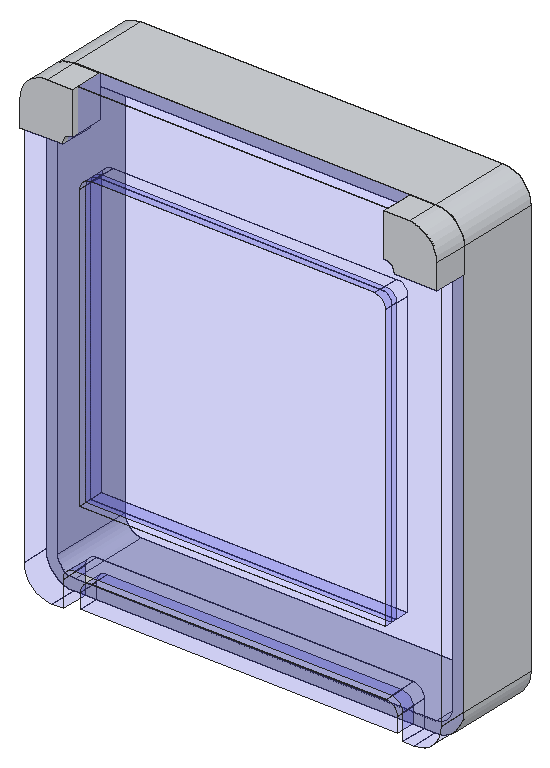
Revit family "Domotics-DomesticRanges-GEWISS-27COMBIIN_SYSTEM-IP65_WATERTIGHT_2M", category Apparecchi elettrici, Revit 2016
Family settings
  Mantenere orientamento annotazione = No
  Tipo di parte = Normale
  Quota connettore circolare = Usa diametro
  Numero OmniClass = 23.80.30.14.24
  Titolo OmniClass = Junction Boxes
  Basato su piano di lavoro = No
  Sempre verticale = Sì
  Taglio con vuoti quando caricato = No
  Condiviso = No
  Punto di calcolo locali = No
Parameters (values of type "GW27403 - System 2 gang watertight cover")
  Vetro Sportello = Vetro
  Version file RFA = "19.4"
  URL = "https://www.gewiss.com/ww/en"
  Torque screws tightening = "0,8NM"
  Thermo-pressure with ball = "70 °C"
  Technical sheet = "https://www.gewiss.com/ww/en/search?q=GW27403"
  Standard; = "EN 60669-1"
  Standard = "EN 60669-1"
  Shock resistance = "IK09"
  SEO = "Cap"
  Realized by GEWISS S.p.A. = ""
  Profondità = 20 mm
  Produttore = "GEWISS S.p.A."
  No. SYSTEM modules = "2"
  Modello = "GW27403"
  Lunghezza = 85 mm
  Lid screws = "Stainless steel"
  Larghezza = 75 mm
  Insulation class = "II"
  Installation temperature = "-25 +60 °C"
  Immagine tipo = GW27403.jpg
  IP degree = "IP65"
  IFC.TypeObject = ""
  IFC.ExportType = ""
  IFC.ExportAs = ""
  IDT = "428b0478-5cd0-4e39-b324-3b7b05b338cb"
  IDF = "9e56ecd4-caf4-488e-9fac-f7a624217b57"
  Glow Wire Test = "650°C"
  Finitura = none
  Electrocod = "0220"
  EAN code = "8011564789913"
  Door type = "Rigid IK09"
  Door colour: = "Smoked Transparent"
  Dimensions LxH (mm) = "75x85"
  Descrizione = "SYSTEM 2 GANG WATERTIGHT COVER"
  Colour = "Grey RAL 7035"
  Catalogue Range = "27COMBI"
  Catalogue = "DOMOTICS"
  COBie.Tagnumber = ""
  COBie.CreatedOn = ""
  COBie.CreatebBy = ""
  COBie.ComponentRegisterItemID = ""
  COBie.Component.TagNumber = ""
  COBie.Component.Space = ""
  COBie.Component.SerialNumber = ""
  COBie.Component.InstallationDate = ""
  COBie.Component.Description = ""
  COBie.Component.BarCode = ""
  Altezza da terra = 850 mm
Types (2, lengths in mm): name | URL | Produttore | Modello | Descrizione
  (no name) | 0 | 0 | 0 | 0
  GW27403 - System 2 gang watertight cover | "https://www.gewiss.com/ww/en" | "GEWISS S.p.A." | "GW27403" | "SYSTEM 2 GANG WATERTIGHT COVER"
Values of the unnamed type that differ from the named types
  Version file RFA = ""
  Torque screws tightening = ""
  Thermo-pressure with ball = ""
  Technical sheet = ""
  Standard; = ""
  Standard = ""
  Shock resistance = ""
  SEO = ""
  No. SYSTEM modules = ""
  Lid screws = ""
  Insulation class = ""
  Installation temperature = ""
  IP degree = ""
  IDT = ""
  IDF = ""
  Glow Wire Test = ""
  Electrocod = ""
  EAN code = ""
  Door type = ""
  Door colour: = ""
  Dimensions LxH (mm) = ""
  Colour = ""
  Catalogue Range = ""
  Catalogue = ""
Reference planes
  plane 1 "Centro (Fronte/Retro)": y = 0
  plane 2: z = 0
  plane 3 "Centro (Sinistra/Destra)": x = 0
  plane 4: z = 850
  plane 5: x = -37.5
  plane 6: x = 37.5
  plane 7: z = 935
  plane 8: y = 20
  plane 9 "Lato Posteriore Sportello": y = 5
  plane 10: x = -27.5
  plane 11: x = 27.5
  plane 12: z = 867.5
  plane 13 "Lato Interno Vetro": y = 2.5
  plane 14: y = 1.396
  plane 15: y = -1
Forms (mm)
  Extrusion 1, solid, material <- "Finitura"
    sketch origin (0, 5, 0) x (0, 0, 1) y (1, 0, 0)
      loop
        line (935, -32.5) -> (935, 32.5)
        arc (935, 32.5) -> (933.536, 36.036) -> (930, 37.5) r 5
        line (930, 37.5) -> (855, 37.5)
        arc (855, 37.5) -> (851.464, 36.036) -> (850, 32.5) r 5
        line (850, 32.5) -> (850, -32.5)
        arc (850, -32.5) -> (851.464, -36.036) -> (855, -37.5) r 5
        line (855, -37.5) -> (930, -37.5)
        arc (930, -37.5) -> (933.536, -36.036) -> (935, -32.5) r 5
      loop
        line (855, -35.5) -> (930, -35.5)
        arc (930, -35.5) -> (932.121, -34.621) -> (933, -32.5) r 3
        line (933, -32.5) -> (933, 32.5)
        arc (933, 32.5) -> (932.121, 34.621) -> (930, 35.5) r 3
        line (930, 35.5) -> (855, 35.5)
        arc (855, 35.5) -> (852.879, 34.621) -> (852, 32.5) r 3
        line (852, 32.5) -> (852, -32.5)
        arc (852, -32.5) -> (852.879, -34.621) -> (855, -35.5) r 3
    from 0 to 15
  Extrusion 2, solid, material "Vetro" <- "Vetro Sportello"
    sketch origin (0, 5, 0) x (0, 0, 1) y (1, 0, 0)
      loop
        line (935, -27.914) -> (935, 27.914) -> (927.415, 27.914)
        arc (927.415, 27.914) -> (926.861, 29.251) -> (925.525, 29.804) r 1.89
        line (925.525, 29.804) -> (925.525, 37.5) -> (855, 37.5)
        arc (855, 37.5) -> (851.464, 36.036) -> (850, 32.5) r 5
        line (850, 32.5) -> (850, 30.496) -> (854.753, 30.496)
        arc (854.753, 30.496) -> (856.167, 29.91) -> (856.753, 28.496) r 2
        line (856.753, 28.496) -> (856.753, -28.496)
        arc (856.753, -28.496) -> (856.167, -29.91) -> (854.753, -30.496) r 2
        line (854.753, -30.496) -> (850, -30.496) -> (850, -32.5)
        arc (850, -32.5) -> (851.464, -36.036) -> (855, -37.5) r 5
        line (855, -37.5) -> (925.525, -37.5) -> (925.525, -29.804)
        arc (925.525, -29.804) -> (926.861, -29.251) -> (927.415, -27.914) r 1.89
        line (927.415, -27.914) -> (935, -27.914)
      loop
        line (920.5, -25.5) -> (920.5, 25.5)
        arc (920.5, 25.5) -> (919.914, 26.914) -> (918.5, 27.5) r 2
        line (918.5, 27.5) -> (867.5, 27.5) -> (867.5, -27.5) -> (918.5, -27.5)
        arc (918.5, -27.5) -> (919.914, -26.914) -> (920.5, -25.5) r 2
    from 0 to -5
  Extrusion 3, solid, material "Vetro" <- "Vetro Sportello"
    sketch origin (0, 5, 0) x (0, 0, 1) y (1, 0, 0)
      loop
        line (850, -28.496) -> (852.753, -28.496)
        arc (852.753, -28.496) -> (854.167, -27.91) -> (854.753, -26.496) r 2
        line (854.753, -26.496) -> (854.753, 26.496)
        arc (854.753, 26.496) -> (854.167, 27.91) -> (852.753, 28.496) r 2
        line (852.753, 28.496) -> (850, 28.496) -> (850, -28.496)
    from 0 to -3.604
  Extrusion 4, solid, material "Vetro" <- "Vetro Sportello"
    sketch origin (0, 2.5, 0) x (0, 0, 1) y (1, 0, 0)
      loop
        line (920.5, -25.5) -> (920.5, 25.5)
        arc (920.5, 25.5) -> (919.914, 26.914) -> (918.5, 27.5) r 2
        line (918.5, 27.5) -> (867.5, 27.5) -> (867.5, -27.5) -> (918.5, -27.5)
        arc (918.5, -27.5) -> (919.914, -26.914) -> (920.5, -25.5) r 2
    from 0 to -1.104
  Extrusion 5, solid, material <- "Finitura"
    sketch origin (0, 5, 0) x (0, 0, 1) y (1, 0, 0)
      loop
        line (935, -32.5) -> (935, -27.914) -> (927.415, -27.914)
        arc (927.415, -27.914) -> (926.861, -29.251) -> (925.525, -29.804) r 1.89
        line (925.525, -29.804) -> (925.525, -37.5) -> (930, -37.5)
        arc (930, -37.5) -> (933.536, -36.036) -> (935, -32.5) r 5
    from 0 to -6
  Extrusion 6, solid, material <- "Finitura"
    sketch origin (0, 5, 0) x (0, 0, 1) y (1, 0, 0)
      loop
        line (935, 27.914) -> (935, 32.5)
        arc (935, 32.5) -> (933.536, 36.036) -> (930, 37.5) r 5
        line (930, 37.5) -> (925.525, 37.5) -> (925.525, 29.804)
        arc (925.525, 29.804) -> (926.861, 29.251) -> (927.415, 27.914) r 1.89
        line (927.415, 27.914) -> (935, 27.914)
    from 0 to -6
Lines and regions (mm)
  model lines
    curve 1: arc (-32.5, 0, 935) -> (-36.036, 0, 933.536) -> (-37.5, 0, 930) r 5
    curve 2: arc (37.5, 0, 930) -> (36.036, 0, 933.536) -> (32.5, 0, 935) r 5
    curve 5: arc (-27.914, 0, 927.415) -> (-29.251, 0, 926.861) -> (-29.804, 0, 925.525) r 1.89
    curve 6: arc (29.804, 0, 925.525) -> (29.251, 0, 926.861) -> (27.914, 0, 927.415) r 1.89
    curve 7: line (-32.5, 0, 935) -> (32.5, 0, 935)
    curve 8: line (-37.5, 0, 855) -> (-37.5, 0, 930)
    curve 13: line (-37.5, 0, 925.525) -> (-29.804, 0, 925.525)
    curve 14: line (-27.914, 0, 935) -> (-27.914, 0, 927.415)
    curve 16: line (27.914, 0, 927.415) -> (27.914, 0, 935)
    curve 17: line (37.5, 0, 925.525) -> (29.804, 0, 925.525)
  model lines, detail levels medium+fine
    curve 3: circle (-32.5, 5, 930) r 2 normal (0, -1, 0)
    curve 4: circle (32.5, 0, 930) r 2 normal (0, -1, 0)
    curve 15: line (-27.914, 0, 927.415) -> (27.914, 0, 927.415)
  model lines, detail levels fine
    curve 9: line (-34.412, 5, 929.413) -> (-31.2, 5, 931.52)
    curve 10: line (-33.972, 5, 928.646) -> (-30.672, 5, 930.81)
    curve 11: line (34.412, 0, 929.413) -> (31.2, 0, 931.52)
    curve 12: line (33.972, 0, 928.646) -> (30.672, 0, 930.81)
Dimensions and locks
  "Lunghezza": plane 7 to plane 4
  equal spacing: plane 6, plane 3 "Centro (Sinistra/Destra)", plane 5
  "Larghezza": plane 6 to plane 5
  "Altezza da terra": plane 4 to level
  "Profondità": plane 1 "Centro (Fronte/Retro)" to plane 8
  locked: plane 1 "Centro (Fronte/Retro)" to plane 9 "Lato Posteriore Sportello" at 5
  locked: plane 11 to plane 6 at 10
  locked: plane 10 to plane 5 at 10
  locked: plane 12 to plane 4 at 17.5
  locked: plane 14 to plane 13 "Lato Interno Vetro" at 1.104
  plane 15 to plane 1 "Centro (Fronte/Retro)" = 1 mm
  aligned and locked: level to plane 2
  aligned and locked: plane 7 to curve 7
  aligned and locked: plane 5 to curve 8
  aligned and locked: plane 8 to Extrusion 1
  aligned and locked: plane 5 to Extrusion 2 sketch curve
  aligned and locked: plane 6 to Extrusion 2 sketch curve
  aligned and locked: Extrusion 2 sketch curve to plane 7
  aligned and locked: plane 4 to Extrusion 2 sketch curve  (x2)
  aligned and locked: plane 1 "Centro (Fronte/Retro)" to Extrusion 2
  aligned and locked: Extrusion 3 to plane 14
  aligned and locked: plane 10 to Extrusion 4 sketch curve
  aligned and locked: plane 11 to Extrusion 4 sketch curve
  aligned and locked: plane 12 to Extrusion 4 sketch curve
  aligned and locked: Extrusion 4 to plane 14
  aligned and locked: plane 10 to Extrusion 2 sketch curve
  aligned and locked: plane 12 to Extrusion 2 sketch curve
  aligned and locked: plane 11 to Extrusion 2 sketch curve
  aligned and locked: Extrusion 5 sketch curve to plane 7
  aligned and locked: Extrusion 5 to plane 15
  aligned and locked: Extrusion 6 sketch curve to plane 7
  aligned and locked: plane 6 to Extrusion 6 sketch curve
  aligned and locked: Extrusion 6 to plane 15
Automatic sketch dimensions
  curve 2 to curve 4 = 0 mm  (x2)
  curve 1 to curve 13 = 2.696 mm
  curve 5 to curve 5 = 1.89 mm
  curve 6 to curve 17 = 1.89 mm
  curve 4 to curve 2 = 5 mm
  curve 12 to curve 2 = 1.828 mm
  curve 11 to plane 7 = 3.48 mm
  curve 12 to curve 11 = 0.528 mm
  curve 2 to curve 12 = 1.472 mm
  curve 12 to curve 11 = 0.44 mm
  plane 4 to Extrusion 2 sketch curve = 5 mm  (x2)
  Extrusion 2 sketch curve to plane 7 = 9.475 mm
  Extrusion 2 sketch curve to plane 10 = 0.414 mm
  Extrusion 2 sketch curve to Extrusion 2 sketch curve = 1.89 mm  (x2)
  Extrusion 2 sketch curve to plane 11 = 0.414 mm
  Extrusion 2 sketch curve to plane 7 = 7.585 mm
  Extrusion 2 sketch curve to plane 10 = 0.996 mm
  Extrusion 2 sketch curve to Extrusion 2 sketch curve = 0.247 mm  (x2)
  Extrusion 2 sketch curve to Extrusion 2 sketch curve = 2 mm
  Extrusion 2 sketch curve to plane 11 = 0.996 mm
  Extrusion 3 sketch curve to plane 4 = 0 mm
  Extrusion 3 sketch curve to plane 10 = 0.996 mm
  Extrusion 3 sketch curve to Extrusion 3 sketch curve = 2.753 mm  (x2)
  Extrusion 3 sketch curve to plane 11 = 0.996 mm
  plane 11 to Extrusion 3 sketch curve = 1.004 mm
  Extrusion 4 sketch curve to plane 7 = 16.5 mm  (x2)
  plane 10 to Extrusion 4 sketch curve = 2 mm
  Extrusion 2 sketch curve to Extrusion 2 sketch curve = 7.025 mm  (x2)
  plane 11 to Extrusion 2 sketch curve = 2 mm
  Extrusion 5 sketch curve to Extrusion 5 sketch curve = 5 mm
  Extrusion 5 sketch curve to plane 10 = 0.414 mm
  Extrusion 5 sketch curve to Extrusion 5 sketch curve = 2.585 mm
  Extrusion 5 sketch curve to Extrusion 5 sketch curve = 1.89 mm
  Extrusion 5 sketch curve to plane 5 = 0 mm
  Extrusion 6 sketch curve to plane 11 = 0.414 mm
  Extrusion 6 sketch curve to Extrusion 6 sketch curve = 1.89 mm
  Extrusion 6 sketch curve to Extrusion 6 sketch curve = 4.475 mm
  Extrusion 6 sketch curve to Extrusion 6 sketch curve = 4.586 mm
  Extrusion 1 sketch curve to Extrusion 1 sketch curve = 0 mm  (x7)
  Extrusion 1 sketch curve to plane 4 = 0 mm
  plane 6 to Extrusion 1 sketch curve = 0 mm
  Extrusion 1 sketch curve to plane 5 = 0 mm
  Extrusion 1 sketch curve to plane 7 = 0 mm
  Extrusion 1 sketch curve to Extrusion 1 sketch curve = 2 mm
  Extrusion 1 sketch curve to Extrusion 1 sketch curve = 3 mm  (x4)
  plane 4 to curve 8 = 5 mm
  plane 6 to curve 17 = 0 mm
  plane 6 to curve 2 = 0 mm
  curve 16 to plane 11 = 0.414 mm
  curve 1 to curve 1 = 5 mm
  curve 13 to curve 1 = 4.475 mm
  curve 3 to plane 7 = 5 mm
  plane 5 to curve 3 = 5 mm
  curve 9 to curve 3 = 0.587 mm
  curve 10 to curve 9 = 0.767 mm
  curve 10 to curve 9 = 0.709 mm
  curve 9 to curve 10 = 0.44 mm
  curve 9 to curve 10 = 0.528 mm
